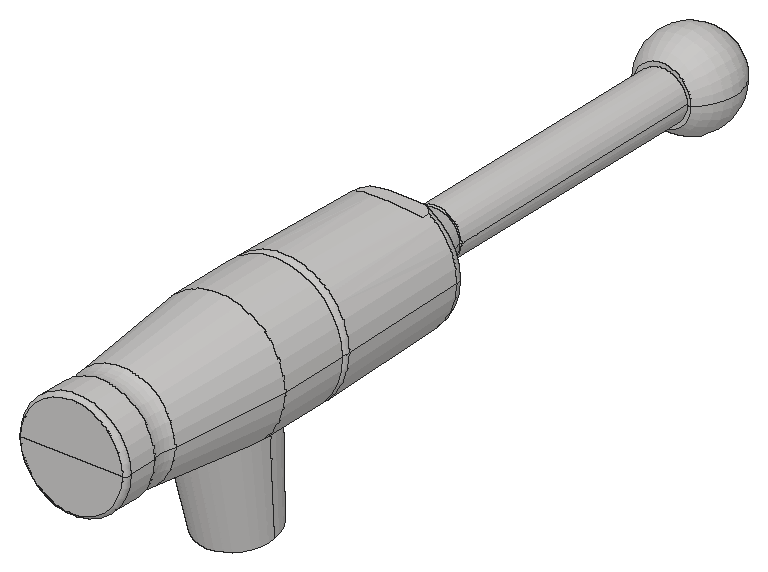
Revit family
Parameters (values of type "Type 1")
  WaterSupplyTemperatureMaximum = "55°C-85° (∆50°C : CW/HW)"
  WarrantyDurationUnit = "10 years"
  WarrantyDescription = "Any manufacturing defect"
  Version = "v1"
  SerialNumber = "3456330008297"
  ProductInformation = "http://www.delabie.com/products/746410"
  Operation = "Time flow tap"
  NominalLength = 200 mm
  Name = "TEMPOSTOP"
  ModelNumber = "746410"
  Material = Solid brass
  ManufacturerURL = "http://www.delabie.com"
  ManufacturerName = "DELABIE"
  IntegralAccessoryOptions = "Thermostatic mixing valve "
  Grade = "ACS - VA APPROVAL - PZH"
  FlowRate lps = "0.05 lps at 3 bar"
  FlowRate lpm = "3 lpm at 3 bar"
  Finish = Chrome-plated
  Features  = "Wall-mounted lever-operated tap:\r\nTime flow ~7 sec.\r\nFlow rate pre-set at 3 lpm at 3 bar, can be adjusted from 1.5 to 6 lpm.\r\nTamperproof scale-resistant flow straightener.\r\nSolid chrome-plated brass body M½\".\r\nLever-operated(soft-touch operation)."
  Description = "French manufacturer Delabie is a leader in the European sanitary ware market for non-domestic places. Water controls, solutions for disabled people, sanitary ware, for schools, leisure centres, offices, hospitals, airports…"
  Type Comments = "Wall-mounted lever-operated tap"
  Model = "TEMPOSTOP"
  Manufacturer = "DELABIE"
  URL = "http://www.delabie.com"
  Radius = 10.3 mm
  Category = "Basin tap"
  Assembly Code = ""
Reference planes
  plane 1 "Wall": y = 0
  plane 2 "Center (Left/Right)": x = 125
  plane 3 "Back": y = 75
  plane 4: y = 75
Text (mm)
  text "Placement Side" at (-1848.837, 1116.779, 0), in view "Ref. Level"
  text "Placement side" at (0, 1409.804, 2854.306), in view "Left"
  text "Placement side" at (0, 499.811, 2980.732), in view "Right"
Dimensions and locks
  locked: plane 3 "Back" to host wall
  locked: plane 4 to plane 3 "Back" at 0
  aligned and locked: plane 1 "Wall" to host wall
  aligned and locked: nested 1 to plane 4
Nested families
  nested 1: "746410" at (125, 163.109, 1000), type "746410"
Connectors
  piping at (124.904, 75, 1108.752), driven by "Radius"
    settings: on nested 1, index 2, connector radius 10.3 mm, flow factor 0, pipe flow 0.05 L/s, pressure drop 0.0 Pa, fitting loss kfactor 0, connector angle 0.00°, fixture units 0, flow configuration 0, flow direction 1, fitting loss method 0, system type 19, connector reference index -1, connector utility 0, adjustable connector no, is connector primary yes, fitting loss table "", connector description "In - Cold water or mixed water"
Definition of nested family "746410"
  Parameters (values of type "746410")
    Description = "Robinet temporisé de lavabo mural à levier :\nTemporisation ~7 sec.\nDébit préréglé à 3 l/min à 3 bar, ajustable de 1,5 à 6 l/min.\nBrise-jet antitartre inviolable.\nCorps en laiton massif chromé M1/2\".\nCommande par levier (déclenchement souple)."
    Keynote = ""
    URL = "http://www.delabie.fr/"
    Type Comments = "Robinet temporisé"
    Technologie = "Temporisée"
    Radius = 15 mm
    Raccordement = "M1/2\""
    Profondeur = "50 mm"
    Model = "TEMPOSTOP"
    Finition = Laiton massif chromé
    Manufacturer = "DELABIE"
    Lien notice d'installation = "http://www.delabie.fr/produits/746410"
    Lien fiche produit = "http://www.delabie.fr/produits/746410"
    Lien certification = "http://www.delabie.fr/produits/746410"
    Lien CCTP = "http://www.delabie.fr/produits/746410"
    Features = "Wall-mounted lever-operated tap:\r\nTime flow ~7 sec.\r\nFlow rate pre-set at 3 lpm at 3 bar, can be adjusted from 1.5 to 6 lpm.\r\nTamperproof scale-resistant flow straightener.\r\nSolid chrome-plated brass body M½\".\r\nLever-operated(soft-touch operation)."
    Famille de produits = "Lavabo"
    Débit = "3 l/min"
    COBie_WaterSupplyTemperatureMaximum = "55°C-85° (∆50°C : CW/HW)"
    COBie_WarrantyDurationUnit = "10 years"
    COBie_WarrantyDescription = "Any manufacturing defect"
    COBie_Version = "v1"
    COBie_SerialNumber = "3456330008297"
    COBie_ProductInformation = "http://www.delabie.com/products/746410"
    COBie_Operation = "Time flow tap"
    COBie_NominalLength = "20cm"
    COBie_Name = "TEMPOSTOP"
    COBie_ModelNumber = "746410"
    COBie_Material = "Solid brass"
    COBie_ManufacturerURL = "http://www.delabie.com"
    COBie_ManufacturerName = "DELABIE"
    COBie_IntegralAccessoryOptions = "Thermostatic mixing valve "
    COBie_Grade = "ACS - VA APPROVAL - PZH"
    COBie_FlowRate = "3 lpm"
    COBie_Finish = "Chrome-plated "
    COBie_Description = "Wall-mounted lever-operated tap"
    COBie_Category = "Basin tap"
    Butée de température = ""
    Alimentation électrique = ""
  Reference planes
    plane 1 "Center (Front/Back)": y = 0
    plane 2: z = 0
    plane 3 "Center (Left/Right)": x = 0
  Forms (mm)
    Revolve 1, solid, material "Laiton massif chromé" <- "Finition"
      sketch origin (-0.096, 26.813, 108.752) x (0, -1, 0) y (1, 0, 0)
        loop
          line (116.208, 0) -> (116.208, -7)
          arc (116.208, -7) -> (128.38, -10.263) -> (135.693, 0) r 11.05
          line (135.693, 0) -> (116.208, 0)
        axis (116.208, 0) -> (135.693, 0)
      angle from 0 to 360
    Revolve 2, solid, material "Laiton massif chromé" <- "Finition"
      sketch origin (-0.096, 26.813, 108.752) x (0, -1, 0) y (1, 0, 0)
        loop
          line (116.208, 0) -> (-61.296, 0) -> (-61.296, -12.219)
          arc (-61.296, -12.219) -> (-60.656, -12.864) -> (-59.75, -12.94) r 1.314
          line (-59.75, -12.94) -> (-52.515, -12.94)
          arc (-52.515, -12.94) -> (-49.428, -12.277) -> (-46.341, -12.94) r 7.526
          arc (-46.341, -12.94) -> (-31.784, -15.034) -> (-17.111, -16.012) r 192.555
          line (-17.111, -16.012) -> (0, -16.012) -> (0.627, -14.668)
          arc (0.627, -14.668) -> (1.282, -15.598) -> (2.38, -15.895) r 1.676
          line (2.38, -15.895) -> (35.775, -15)
          arc (35.775, -15) -> (37.495, -14.287) -> (38.208, -12.567) r 2.433
          line (38.208, -12.567) -> (38.208, -9.625) -> (47.767, -5.955) -> (47.767, -5.114) -> (48.343, -6) -> (116.208, -6) -> (116.208, 0)
        axis (-61.296, 0) -> (116.208, 0)
      angle from 0 to 360
    SweptBlend 3, solid, material "Laiton massif chromé" <- "Finition"
      path origin (-0.096, 26.813, 108.752) x (0, 0, 1) y (0, -1, 0)
        loop
          line (-35.963, -11.661) -> (-8.54, -16.496)
      profile origin (-0.096, 38.474, 72.788) x (0, -0.984808, 0.173648) y (1, 0, 0)
        loop
          circle (0, 0) r 9.164
      end profile origin (-0.096, 43.309, 100.212) x (0, -0.984808, 0.173648) y (1, 0, 0)
        loop
          circle (0, 0) r 11.726
    Sweep 4, void
      path origin (0, 26.813, 108.88) x (0, -1, 0) y (1, 0, 0)
        loop
          line (34.694, -18.809) -> (34.694, 29.629)
      profile origin (5.41, -7.881, 108.88) x (0, 1, 0) y (0, 0, 1)
        loop
          line (-5.94, 12.494) -> (0.783, 12.494) -> (5.201, 16.912) -> (-5.94, 16.912) -> (-5.94, 12.494)
        loop
          line (-5.94, -12.75) -> (-5.94, -17.169) -> (5.201, -17.169) -> (0.783, -12.75) -> (-5.94, -12.75)
  Cuts and joins
    Sweep 4 cuts Revolve 2
  Connectors
    piping at (0, 0, 0), driven by "Radius"
      settings: index 1, connector radius 15 mm, flow factor 0, pipe flow 0.0 L/s, pressure drop 0.0 Pa, fitting loss kfactor 0, connector angle 0.00°, fixture units 0, flow configuration 0, flow direction 0, fitting loss method 0, system type 7, connector reference index -1, connector utility 0, adjustable connector no, is connector primary yes, fitting loss table "", connector description ""
